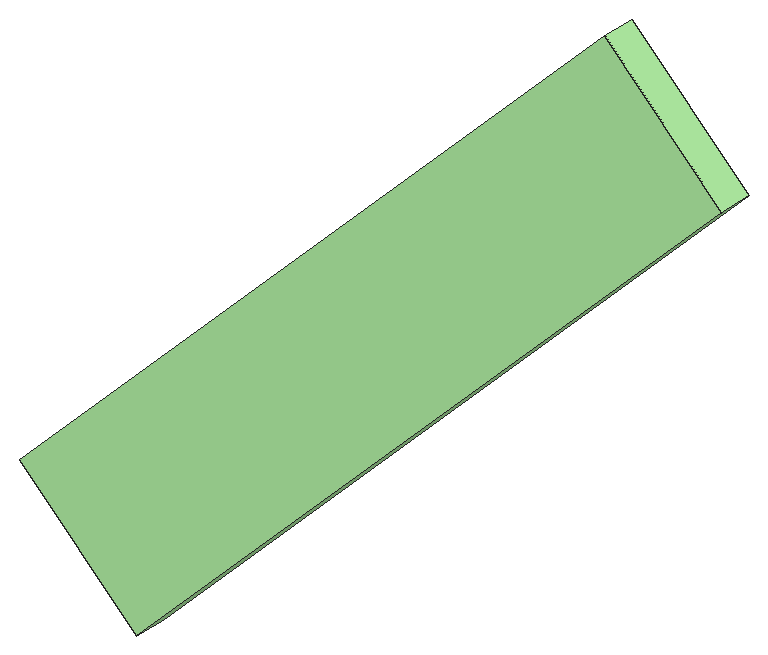
Revit family "ダクトサポート_角形鋼管(長方形) 1", category Generic Models, Revit 2020
Family settings
  Can host rebar = No
  Round Connector Dimension = Use Diameter
  Part Type = Normal
  Work Plane-Based = Yes
  Always vertical = No
  Cut with Voids When Loaded = No
  Shared = No
  Room Calculation Point = No
Parameters (values of type "100 x 20")
  高さ = 100 mm
  長辺 [instance] = 長さ  # 500 mm
  長さ [instance] = 500 mm
  部屋名 = ""
  角度 [instance] = 45.00°
  Default Elevation = 1219.2 mm
  構造マテリアル = E202_ダクトサポート
  幅 = 20 mm
Types (20, lengths in mm): name | 高さ | 幅
  50 x 20 | 50 | 20
  50 x 30 | 50 | 30
  60 x 30 | 60 | 30
  75 x 20 | 75 | 20
  75 x 45 | 75 | 45
  80 x 40 | 80 | 40
  90 x 40 | 90 | 40
  100 x 20 | 100 | 20
  100 x 40 | 100 | 40
  100 x 50 | 100 | 50
  125 x 40 | 125 | 40
  125 x 75 | 125 | 75
  150 x 100 | 150 | 100
  150 x 75 | 150 | 75
  150 x 80 | 150 | 80
  200 x 100 | 200 | 100
  200 x 150 | 200 | 150
  300 x 200 | 300 | 200
  350 x 150 | 350 | 150
  400 x 200 | 400 | 200
Reference planes
  plane 1 "中心(正面/背面)": y = 0
  plane 2: z = 0
  plane 3 "中心(左/右)": x = 0
Lines and regions (mm)
  reference lines
    curve 1: line (0, 0, 0) -> (848.528, 0, 848.528)
    curve 2: line (35.355, 0, -35.355) -> (-35.355, 0, 35.355)
    curve 3: line (388.909, 0, 318.198) -> (318.198, 0, 388.909)
Dimensions and locks
  equal spacing: curve 2, curve 1, curve 2
  "高さ": curve 2 to curve 2
  equal spacing: curve 3, curve 1, curve 3
  "高さ": curve 3 to curve 3
  "長さ": curve 2 to curve 3
  "角度": angle level to curve 1
  angle curve 2 to curve 1 = 90.00°
  angle curve 3 to curve 1 = 90.00°
  aligned and locked: level to plane 2
  aligned and locked: level to curve 1
  aligned and locked: plane 3 "中心(左/右)" to curve 1
  aligned and locked: nested 1 to curve 1
Nested families
  nested 1: "グレーチング_角形鋼管(長方形)" at (-35.355, 0, 35.355) x (0, 1, 0) z (0.7071, 0, -0.7071), 長さ <- "長さ", type "50 x 20"
    with 長辺 500 mm, 長さ 500 mm, 高さ 100 mm
Definition of nested family "グレーチング_角形鋼管(長方形)"
  Parameters (values of type "50 x 20")
    高さ = 50 mm
    長辺 [instance] = 長さ  # 1000 mm
    長さ [instance] = 1000 mm
    部屋名 = ""
    Default Elevation = 1219.2 mm
    構造マテリアル = none
    幅 = 20 mm
  Reference planes
    plane 1 "中心(正面/背面)": y = 0
    plane 2: z = 0
    plane 3 "中心(左/右)": x = 0
    plane 4: z = 25
    plane 5: z = 50
  Forms (mm)
    Extrusion 1, solid, material <- "構造マテリアル"
      sketch origin (0, 0, 0) x (1, 0, 0) y (0, 1, 0)
        loop
          line (-10, 1000) -> (-10, 0) -> (10, 0) -> (10, 1000) -> (-10, 1000)
      from 0 to 50
  Lines and regions (mm)
    reference lines
      curve 1: line (10, 1000, 0) -> (-10, 1000, 0)
      curve 2: line (10, 0, 0) -> (-10, 0, 0)
  Dimensions and locks
    "長さ": curve 1 to curve 2
    "幅": Extrusion 1 to Extrusion 1
    equal spacing: Extrusion 1, plane 3 "中心(左/右)", Extrusion 1
    "幅": curve 1 to curve 1
    equal spacing: curve 1, plane 3 "中心(左/右)", curve 1
    "幅": curve 2 to curve 2
    equal spacing: curve 2, plane 3 "中心(左/右)", curve 2
    equal spacing: plane 5, plane 4, level
    "高さ": plane 5 to level
    aligned and locked: level to plane 2
    aligned and locked: Extrusion 1 to curve 2
    aligned and locked: curve 1 to Extrusion 1
    aligned and locked: plane 5 to Extrusion 1
  Automatic sketch dimensions
    Extrusion 1 sketch curve to plane 3 "中心(左/右)" = 10 mm
    plane 3 "中心(左/右)" to Extrusion 1 sketch curve = 10 mm
    plane 1 "中心(正面/背面)" to Extrusion 1 sketch curve = 0 mm
    Extrusion 1 sketch curve to plane 1 "中心(正面/背面)" = 1000 mm
    plane 1 "中心(正面/背面)" to curve 2 = 0 mm
